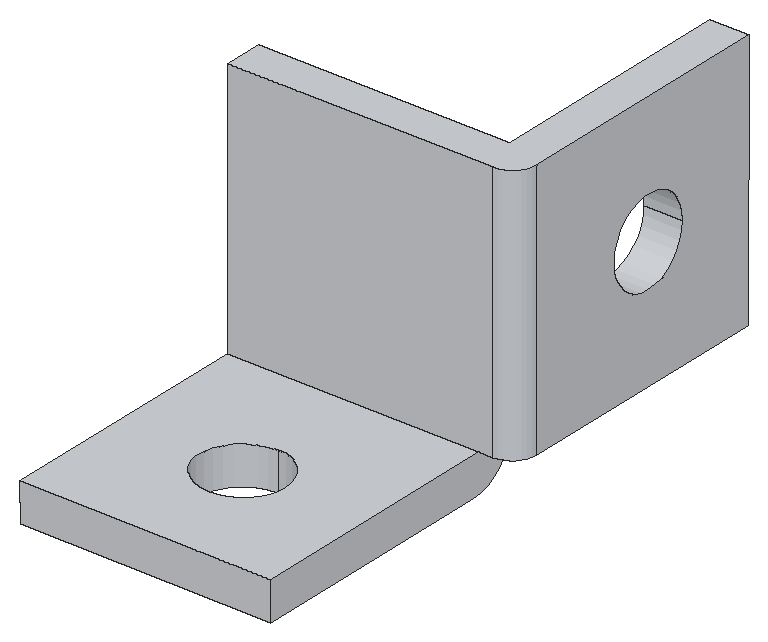
Revit family "Fitting-Wing_Shape-Unistrut-P2341R", category Specialty Equipment, Revit 2012
Parameters (values of type "P2341R")
  ecoScorecard_data = "http://products.ecoscorecard.com/atkore/P2341R"
  ecoScorecard Product Page = "http://products.ecoscorecard.com/atkore/P2341R?action=html"
  Weight Per Piece = 0.60 lbf
  Unit = none
  Unistrut Part Number = "P2341R"  # constant formula
  URL = "http://unistrut.us/index.php"
  Thickness = 0' - 0 1/4"  # constant formula
  Subcategory = "Wing Shape Fittings"  # constant formula
  Product Page URL = "http://unistrut.us/index.php?WP=cat_detail&S=S05&P=P2341R"
  Power Strut Part Number = "PS 922 R"  # constant formula
  Part Type = "Fitting"  # constant formula
  Overall Width = 0' - 3 9/16"  # constant formula
  Overall Length = 0' - 1 5/8"  # constant formula
  Overall Height = 0' - 1 15/16"  # constant formula
  Model = "P2341R"
  Material = ""
  Manufacturer Phone - Toll Free = "800-882-5543"  # constant formula
  Manufacturer Phone = "708-339-1610"  # constant formula
  Manufacturer Fax = "708-339-7814"  # constant formula
  Manufacturer Email = "mailto:jshaw@atkore.com"
  Manufacturer Address = "16100 South Lathrop Avenue, Harvey, IL 60426"  # constant formula
  Manufacturer = "Unistrut by Atkore International"  # constant formula
  Load Capacity Note = "Visit the product page for load application and capacity."  # constant formula
  Literature URL = "http://unistrut.us/index.php?WP=LItLibrary"
  Hole Diameter = 0' - 0 9/16"
  Cost Info = "mailto:jshaw@atkore.com"
  CAD URL = "http://unistrut.us/index.php?WP=CAD3d"
  Assembly Code = "D5020100"
  95 CSI = "16070"  # constant formula
  04 CSI = "26 05 48"  # constant formula
Reference planes (in)
  plane 1 "Center (Front/Back)": y = 0
  plane 2: z = 0
  plane 3 "Center (Left/Right)": x = 0
  plane 4: z = 1.9375
  plane 5: y = 1.875
  plane 6: y = -1.6875
  plane 7: x = 1.0625
  plane 8: x = -0.8125
  plane 9: z = 0.25
  plane 10: y = -0.89743
  plane 11: y = 1.0625
  plane 12: z = 1.09375
Dimensions and locks (in)
  plane 1 "Center (Front/Back)" to plane 5 = 0' - 1 7/8"
  "Overall Height": plane 4 to plane 2
  "Thickness": plane 9 to plane 2
  aligned and locked: level to plane 2
Nested families (in)
  nested 1: "2341R" at (0, 0.97171, 0) x (-1, 0, 0) z (0, 0, 1), type "2341R"
Definition of nested family "2341R"
  Parameters (values of type "2341R")
    Width = 0' - 3 9/16"
    Unit = none
    Thickness = 0' - 0 1/4"
    Height = 0' - 1 11/16"
    Radiuis = Diameter / 2  # 0' - 0 9/32"
    Length = 0' - 1 5/8"
    Diameter = 0' - 0 9/16"
    Default Elevation = 0' - 0"
    Bolt Length [instance] = 0' - 1 1/2"
  Reference planes (in)
    plane 1 "Center (Front/Back)": y = -0.09079
    plane 2: z = 0
    plane 3 "Center (Left/Right)": x = 0
    plane 4: y = -0.90329
    plane 5: y = 0.72171
    plane 6: x = -0.8125
    plane 7: x = 0.8125
    plane 8: y = 2.65921
    plane 9: x = -1.0625
    plane 10: y = 0.97171
    plane 11: z = 0.25
    plane 12: z = 1.09375
    plane 13: z = 0
  Forms (in)
    Extrusion 1, solid, material <- "Unit"
      sketch origin (0, -0.09079, 1.9375) x (0, -1, 0) y (0, 0, -1)
        loop
          line (-0.8125, 0) -> (-0.8125, 1.64264)
          arc (-0.8125, 1.64264) -> (-0.89886, 1.85114) -> (-1.10736, 1.9375) r 0.29486
          line (-1.10736, 1.9375) -> (-2.75, 1.9375) -> (-2.75, 1.6875) -> (-1.0625, 1.6875) -> (-1.0625, 0) -> (-0.8125, 0)
      from -0.8125 to 0.8125
    Extrusion 2, solid, material <- "Unit"
      sketch origin (0, -0.09079, 1.9375) x (0, -1, 0) y (1, 0, 0)
        loop
          line (0.8125, -1.0625) -> (0.8125, -0.8125) -> (-1.0625, -0.8125) -> (-1.0625, -0.90329)
          arc (-1.0625, -0.90329) -> (-1.01587, -1.01587) -> (-0.90329, -1.0625) r 0.15921
          line (-0.90329, -1.0625) -> (0.8125, -1.0625)
      from 0 to -1.6875
    Extrusion 3, void
      sketch origin (0, -0.09079, 1.9375) x (0, -1, 0) y (1, 0, 0)
        loop
          circle (-1.95993, 0) r 0.28125
      from -1.6875 to -1.9375
    Extrusion 4, void
      sketch origin (0, -0.09079, 1.9375) x (0, -1, 0) y (0, 0, -1)
        loop
          circle (0, 0.84375) r 0.28125
      from -1.0625 to -0.8125
  Cuts and joins
    Extrusion 3 cuts Extrusion 1
    Extrusion 4 cuts Extrusion 2
    joined: Extrusion 1, Extrusion 2
  Dimensions and locks (in)
    equal spacing: plane 6, plane 3 "Center (Left/Right)", plane 7
    "Length": plane 6 to plane 7
    equal spacing: plane 5, plane 1 "Center (Front/Back)", plane 4
    plane 8 to plane 5 = 0' - 1 15/16"
    "Thickness": plane 9 to plane 6
    "Thickness": plane 10 to plane 5
    plane 12 to plane 11 = 0' - 0 27/32"
    "Width": plane 4 to plane 8
    "Radiuis": radius of Extrusion 3 sketch curve
    "Radiuis": radius of Extrusion 4 sketch curve
    aligned and locked: level to plane 2
    aligned and locked: plane 13 to Extrusion 1 sketch curve
    aligned and locked: plane 11 to Extrusion 1 sketch curve
    aligned and locked: Extrusion 2 to plane 11
    aligned and locked: plane 11 to Extrusion 3
    aligned and locked: plane 12 to Extrusion 4 sketch curve
    aligned and locked: Extrusion 3 to Extrusion 1
  Automatic sketch dimensions
    Extrusion 1 sketch curve to plane 8 = 0' - 0"
    Extrusion 1 sketch curve to plane 10 = 0' - 0"
    Extrusion 1 sketch curve to plane 5 = 0' - 0"
    Extrusion 1 sketch curve to plane 10 = 0' - 0.04486"
    Extrusion 1 sketch curve to plane 12 = 0' - 0 27/32"
    plane 10 to Extrusion 2 sketch curve = 0' - 0"
    Extrusion 2 sketch curve to plane 9 = 0' - 0"
    plane 4 to Extrusion 2 sketch curve = 0' - 0"
    Extrusion 2 sketch curve to plane 6 = 0' - 0"
    plane 5 to Extrusion 2 sketch curve = 0' - 0.09079"
    Extrusion 3 sketch curve to plane 3 "Center (Left/Right)" = 0' - 0"
    plane 8 to Extrusion 3 sketch curve = 0' - 0.79007"
    Extrusion 4 sketch curve to plane 1 "Center (Front/Back)" = 0' - 0"
